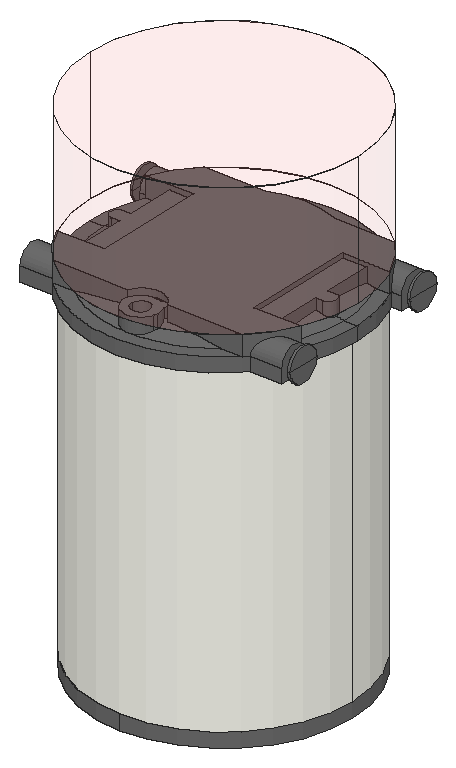
Revit family
Parameters (values of type "1105C3F")
  Watermarked By = "http://revitwatermark.com"
  Water_Ice Tank Volume = "980 Gallons"
  Warning = "Ice tanks are a component in an ice storage system including chillers, pumps, and controls. Contact CALMAC for IceBank® selection support to make sure all system components will work together properly."
  URL = "http://www.calmac.com/"
  Total Cooling Capacity [instance] = 0.0 ton
  Tank Net Usable Capacity = "105 Ton-Hrs"
  Product Page URL = "http://www.calmac.com/products/icebank.asp"
  Is Tank 1 Front Right Connector Visible = not(CTRL Off)  # yes
  Is Tank 1 Front Left Connector Visible = not(CTRL On)  # no
  Is Tank 1 Back Right Connector Visible = not(CTRL Off)  # yes
  Is Tank 1 Back Left Connector Visible = not(CTRL Off)  # yes
  Surface Finish = Plastic- Calmac- Black
  Supply Coolant Temperature [instance] = -459.67 °F
  Storage Inlet Temperature [instance] = 60 °F
  Shipping Weight = 1065.00 lbf
  Return Coolant Temperature [instance] = -459.67 °F
  Requires Plate Heat Exchanger [instance] = no
  Project/Customer = ""
  Product Documentation Link = "http://calmac.com/products/documents/CS-82Model1105C3FAug2007.pdf"
  Pressure Drop [instance] = 0.00 psi
  Precool Hours [instance] = 0
  Pipe Material = Plastic- Calmac- Black
  Operating Weight = 10885.00 lbf
  Occupied Hours [instance] = 0
  Model = "1105C"
  Maximum Operating Temperature = "38°C"
  Maximum Operating Pressure = "620 kPa"
  Manufacturer e-mail = "info@Calmac.com"
  Manufacturer Contact Details = "CALMAC Manufacturing Corporation Headquarters, 3-00 Banta Place, Fair Lawn, NJ  07410, Tel: (201) 797-1511, Fax: (201) 797-1522"
  Manufacturer = "CALMAC Manufacturing Corp."  # constant formula
  Main Use [instance] = ""
  Location [instance] = ""
  Lid Diameter = 7' - 5"  # constant formula
  Leg 4 = 3' - 2 1/4"  # constant formula
  Leg 1 = 3' - 2 1/4"  # constant formula
  Latent Cooling Capacity [instance] = 0.0 ton
  Inlet Outlet Center Height = 8' - 0 1/2"  # constant formula
  Heat Exchanger Volume = "99 Gallons"
  Has Rigging Bar [instance] = no
  Has Plate and Frame Heat Exchanger [instance] = no
  Has Ice Inventory Meter [instance] = no
  Has Heat Transfer Fluid [instance] = no
  Has Glycol Management System [instance] = no
  Floor Loading Weight = "363 lb/sq.ft."
  Factory Tested Pressure = "1724 kPa"
  Diversity Factor [instance] = 0
  Discharge Rate [instance] = 0
  Discharge Hours [instance] = 0
  Description = "Off-Peak Cooling System"
  Is Clearance Box Visible [instance] = yes
  Clearance Box Height = 3' - 0"  # constant formula
  City/State [instance] = ""
  CTRL Width = 6' - 1 3/4"
  CTRL On = yes
  CTRL Off = not(CTRL On)  # no
  CTRL Hydronic Supply Description = "Hydronic Supply"  # constant formula
  CTRL Hydronic Return Description = "Hydronic Return"  # constant formula
  CTRL Base Radius = 2' - 11 113/256"  # constant formula
  Body Material = Plastic- Calmac- Off_White
  Has Solid Base [instance] = yes
  Base Height = Inlet Outlet Center Height - 0' 3 3/4"  # 7' - 8 3/4"
  Base Finish = Plastic- Calmac- Black
  Assembly Code = "D3030300"
  Actual Chilled Water Flow [instance] = 0 GPM
Reference planes (in)
  plane 1 "Center (Front/Back)": y = 0
  plane 2 "Bottom": z = 0
  plane 3 "Center (Left/Right)": x = 0
  plane 4 "T.O. Base": z = 92.75
  plane 5 "Inlet/Outlet Center (Elevation)": z = 96.5
  plane 6 "Right Connector Face": x = 38.25
  plane 7 "Left Connector Face": x = -38.25
  plane 8 "T.o. Lid": z = 102
  plane 9 "Top": z = 138
  plane 10 "Front Connector Center (F/B)": y = -20.5
  plane 11 "Back Connector Center (F/B)": y = 20.5
  plane 12 "Back": y = 36.875
  plane 13 "Front": y = -36.875
Dimensions and locks (in)
  locked: plane 5 "Inlet/Outlet Center (Elevation)" to plane 4 "T.O. Base" at 3.75
  "Inlet Outlet Center Height": plane 5 "Inlet/Outlet Center (Elevation)" to plane 2 "Bottom"
  "Leg 1": plane 3 "Center (Left/Right)" to plane 6 "Right Connector Face"
  "Leg 4": plane 7 "Left Connector Face" to plane 3 "Center (Left/Right)"
  locked: plane 8 "T.o. Lid" to plane 5 "Inlet/Outlet Center (Elevation)" at 5.5
  locked: plane 10 "Front Connector Center (F/B)" to plane 1 "Center (Front/Back)" at 20.5
  locked: plane 1 "Center (Front/Back)" to plane 11 "Back Connector Center (F/B)" at 20.5
  "Clearance Box Height": plane 9 "Top" to plane 8 "T.o. Lid"
  plane 8 "T.o. Lid" to plane 2 "Bottom" = 8' - 6"
  equal spacing: plane 13 "Front", plane 1 "Center (Front/Back)", plane 12 "Back"
  "CTRL Width": plane 13 "Front" to plane 12 "Back"
  plane 7 "Left Connector Face" to plane 6 "Right Connector Face" = 6' - 4 1/2"
  plane 7 "Left Connector Face" to plane 3 "Center (Left/Right)" = 3' - 2 1/4"
  aligned and locked: plane 1 "Center (Front/Back)" to nested 1
  aligned and locked: plane 3 "Center (Left/Right)" to nested 1
  aligned and locked: plane 4 "T.O. Base" to nested 2
  aligned and locked: plane 1 "Center (Front/Back)" to nested 2
  aligned and locked: plane 5 "Inlet/Outlet Center (Elevation)" to nested 2
  aligned and locked: plane 3 "Center (Left/Right)" to nested 2
  aligned and locked: plane 2 "Bottom" to nested 1
Nested families (in)
  nested 1: "Cooling_Plant_Accessories-Calmac-IceBank-Base" at (0, 0, 0), type "Base"
    with Is Symbolic Line Visible no, Has Solid Base yes, CTRL Inner Wall Radius 2' - 10 145/256", CTRL Base Radius 2' - 11 113/256", Base Height 7' - 8 3/4"
  nested 2: "Cooling_Plant_Accessories-Calmac-IceBank-Lid_C-75" at (0, 0, 92.75), Surface Finish <- "Surface Finish", Pipe Material <- "Pipe Material", Clearance Box Height <- "Clearance Box Height", Is Clearance Box Visible <- "Is Clearance Box Visible", type "C-75"
    with Surface Finish Plastic- Calmac- Black, Pipe Material Plastic- Calmac- Black, Is Clearance Box Visible yes, Clearance Box Height 3' - 0", CTRL Radius 3' - 0 11/16", Is Back Left Flanged Connector Visible yes
Connectors (in)
  piping at (38.25, 20.5, 96.5), driven by "CTRL Hydronic Supply Description", driven by "Actual Chilled Water Flow"
    settings: on nested 2, index 1, connector radius 2", flow factor 0, pipe flow 0 GPM, pressure drop 0.00 psi, fitting loss kfactor 0, connector angle 0.00°, fixture units 0, flow configuration 0, flow direction 2, fitting loss method 0, system type 7, connector reference index -1, connector utility 0, adjustable connector no, is connector primary yes, fitting loss table "", connector description "Hydronic Supply"
  piping at (38.25, -20.5, 96.5), driven by "CTRL Hydronic Return Description"
    settings: on nested 2, index 2, connector radius 2", flow factor 0, pipe flow 0 GPM, pressure drop 0.00 psi, fitting loss kfactor 0, connector angle 0.00°, fixture units 0, flow configuration 0, flow direction 1, fitting loss method 0, system type 8, connector reference index -1, connector utility 0, adjustable connector no, is connector primary no, fitting loss table "", connector description "Hydronic Return"
  piping at (-38.25, 20.5, 96.5)
    settings: on nested 2, index 3, connector radius 2", flow factor 0, pipe flow 0 GPM, pressure drop 0.00 psi, fitting loss kfactor 0, connector angle 0.00°, fixture units 0, flow configuration 0, flow direction 0, fitting loss method 0, system type 7, connector reference index -1, connector utility 0, adjustable connector no, is connector primary no, fitting loss table "", connector description ""
Definition of nested family "Cooling_Plant_Accessories-Calmac-IceBank-Base"
  Parameters (values of type "Base")
    Wall Thickness = 0' - 0 7/8"
    URL = "http://www.calmac.com/"
    Type Comments = ""
    Is Symbolic Line Visible = not(Has Solid Base)  # yes
    Has Solid Base = no
    Model = ""
    Manufacturer = "CALMAC Manufacturing Corp."  # constant formula
    CTRL Inner Wall Radius = CTRL Base Radius - Wall Thickness  # 3' - 0"
    CTRL Base Radius = 3' - 0 7/8"
    Body Material = Plastic- Calmac- Off_White
    Base Height = 3' - 7 5/16"
    Base Finish = Plastic- Calmac- Black
    Assembly Code = "D3030"
  Reference planes (in)
    plane 1 "Center (Front/Back)": y = 0
    plane 2 "Bottom": z = 0
    plane 3 "Center (Left/Right)": x = 0
    plane 4 "Back": y = 36.875
    plane 5 "Front": y = -36.875
    plane 6 "Right": x = 36.875
    plane 7 "Left": x = -36.875
    plane 8 "T.O. Base Plate": z = 4
    plane 9 "Right Edge of Right Void": x = 24.125
    plane 10 "Left Edge of Right Void": x = 13.125
    plane 11 "Left Edge of Left Void": x = -24.125
    plane 12 "Right Edge of Left Void": x = -13.125
    plane 13 "T.O. Base Void": z = 2
    plane 14 "T.O. Base": z = 43.3125
  Forms (in)
    Extrusion 1, solid, material "Plastic- Calmac- Black" <- "Base Finish", visible <- "Is Symbolic Line Visible", detail levels fine
      sketch origin (0, 0, 0) x (1, 0, 0) y (0, 1, 0)
        loop
          circle (0, 0) r 36.875
      from 0 to 4
    Extrusion 2, void
      sketch origin (0, 0, 0) x (1, 0, 0) y (0, 1, 0)
        loop
          line (-24.125, 36.875) -> (-24.125, -36.875) -> (-13.125, -36.875) -> (-13.125, 36.875) -> (-24.125, 36.875)
        loop
          line (13.125, 36.875) -> (13.125, -36.875) -> (24.125, -36.875) -> (24.125, 36.875) -> (13.125, 36.875)
      from 0 to 2
    Extrusion 3, solid, material "Plastic- Calmac- Off_White" <- "Body Material", detail levels fine
      sketch origin (0, 0, 0) x (1, 0, 0) y (0, 1, 0)
        loop
          circle (0, 0) r 36.875
        loop
          circle (0, 0) r 36
      from 4 to 43.3125
    Extrusion 4, solid, material "Plastic- Calmac- Black" <- "Base Finish", visible <- "Has Solid Base", detail levels fine
      sketch origin (0, 0, 43.3125) x (0, -1, 0) y (1, 0, 0)
        loop
          circle (0, 0) r 36.875
      from -43.3125 to -39.3125
  Cuts and joins
    Extrusion 2 cuts Extrusion 3
    Extrusion 2 cuts Extrusion 1
  Lines and regions (in)
    Masking region 1
      outline origin (0, 0, 0) x (1, 0, 0) y (0, 1, 0)
        loop
          circle (0, 0) r 36.875
    Masking region 2
      outline origin (0, 0, 0) x (1, 0, 0) y (0, 0, 1)
        loop
          line (-36.875, 0) -> (36.875, 0) -> (36.875, 43.3125) -> (-36.875, 43.3125) -> (-36.875, 0)
    Masking region 3
      outline origin (0, 0, 0) x (0, 1, 0) y (0, 0, 1)
        loop
          line (-36.875, 0) -> (36.875, 0) -> (36.875, 43.3125) -> (-36.875, 43.3125) -> (-36.875, 0)
    symbolic lines, style "Base", detail levels medium+fine
      curve 1: line (-36.875, 0, 4) -> (36.875, 0, 4)
      curve 8: line (0, -36.875, 4) -> (0, 36.875, 4)
    symbolic lines, style "Base", visible <- "Is Symbolic Line Visible", detail levels medium+fine
      curve 2: line (-24.125, 0, 0) -> (-24.125, 0, 2)
      curve 3: line (-24.125, 0, 2) -> (-13.125, 0, 2)
      curve 4: line (13.125, 0, 2) -> (24.125, 0, 2)
      curve 5: line (13.125, 0, 0) -> (13.125, 0, 2)
      curve 6: line (24.125, 0, 0) -> (24.125, 0, 2)
      curve 7: line (-13.125, 0, 0) -> (-13.125, 0, 2)
    model lines, style "Base", detail levels medium
      curve 9: circle (0, 0, 43.3125) r 36.875 normal (0, 0, 1)
      curve 10: circle (0, 0, 4) r 36.875 normal (0, 0, 1)
      curve 11: circle (0, 0, 0) r 36.875 normal (0, 0, 1)
      curve 12: line (36.875, 0, 0) -> (36.875, 0, 43.3125)
      curve 13: line (-36.875, 0, 0) -> (-36.875, 0, 43.3125)
      curve 14: line (0, -36.875, 0) -> (0, -36.875, 43.3125)
      curve 15: line (0, 36.875, 0) -> (0, 36.875, 43.3125)
    model lines, style "Base", detail levels coarse
      curve 16: line (0, 0, 0) -> (0, 0, 43.3125)
  Dimensions and locks (in)
    locked: plane 7 "Left" to plane 11 "Left Edge of Left Void" at 12.75
    locked: plane 7 "Left" to plane 12 "Right Edge of Left Void" at 23.75
    locked: plane 9 "Right Edge of Right Void" to plane 6 "Right" at 12.75
    locked: plane 10 "Left Edge of Right Void" to plane 6 "Right" at 23.75
    "CTRL Base Radius": plane 7 "Left" to plane 3 "Center (Left/Right)"
    "CTRL Base Radius": plane 3 "Center (Left/Right)" to plane 6 "Right"
    "CTRL Base Radius": plane 1 "Center (Front/Back)" to plane 4 "Back"
    "CTRL Base Radius": plane 5 "Front" to plane 1 "Center (Front/Back)"
    locked: plane 8 "T.O. Base Plate" to plane 2 "Bottom" at 4
    "Base Height": plane 14 "T.O. Base" to plane 2 "Bottom"
    locked: plane 13 "T.O. Base Void" to plane 2 "Bottom" at 2
    "CTRL Base Radius": radius of Extrusion 1 sketch curve
    "CTRL Base Radius": radius of Extrusion 3 sketch curve
    "CTRL Inner Wall Radius": radius of Extrusion 3 sketch curve
    "CTRL Base Radius": radius of Masking region 1 sketch curve
    "CTRL Base Radius": radius of curve 9
    "CTRL Base Radius": radius of curve 10
    "CTRL Base Radius": radius of curve 11
    "CTRL Base Radius": radius of Extrusion 4 sketch curve
    aligned and locked: plane 3 "Center (Left/Right)" to Extrusion 1 sketch curve
    aligned and locked: plane 1 "Center (Front/Back)" to Extrusion 1 sketch curve
    aligned and locked: Extrusion 1 to plane 2 "Bottom"
    aligned and locked: plane 8 "T.O. Base Plate" to Extrusion 1
    aligned and locked: plane 2 "Bottom" to Extrusion 1
    aligned and locked: Extrusion 2 sketch curve to plane 4 "Back"  (x2)
    aligned and locked: Extrusion 2 sketch curve to plane 12 "Right Edge of Left Void"
    aligned and locked: plane 11 "Left Edge of Left Void" to Extrusion 2 sketch curve
    aligned and locked: Extrusion 2 sketch curve to plane 5 "Front"  (x2)
    aligned and locked: Extrusion 2 sketch curve to plane 10 "Left Edge of Right Void"
    aligned and locked: Extrusion 2 sketch curve to plane 9 "Right Edge of Right Void"
    aligned and locked: plane 13 "T.O. Base Void" to Extrusion 2
    aligned and locked: Extrusion 2 to plane 2 "Bottom"
    aligned and locked: Extrusion 2 to plane 5 "Front"
    aligned and locked: plane 4 "Back" to Extrusion 2
    aligned and locked: Extrusion 2 to plane 13 "T.O. Base Void"  (x2)
    aligned and locked: plane 11 "Left Edge of Left Void" to Extrusion 2
    aligned and locked: plane 2 "Bottom" to Extrusion 2  (x2)
    aligned and locked: Extrusion 2 to plane 12 "Right Edge of Left Void"
    aligned and locked: plane 10 "Left Edge of Right Void" to Extrusion 2
    aligned and locked: Extrusion 2 to plane 9 "Right Edge of Right Void"
    aligned and locked: plane 3 "Center (Left/Right)" to Extrusion 3 sketch curve  (x2)
    aligned and locked: plane 1 "Center (Front/Back)" to Extrusion 3 sketch curve  (x2)
    aligned and locked: Extrusion 3 to plane 8 "T.O. Base Plate"
    aligned and locked: plane 14 "T.O. Base" to Extrusion 3
    aligned and locked: plane 3 "Center (Left/Right)" to Masking region 1 sketch curve
    aligned and locked: plane 1 "Center (Front/Back)" to Masking region 1 sketch curve
    aligned and locked: Masking region 2 sketch curve to plane 14 "T.O. Base"
    aligned and locked: plane 6 "Right" to Masking region 2 sketch curve
    aligned and locked: plane 2 "Bottom" to Masking region 2 sketch curve
    aligned and locked: Masking region 2 sketch curve to plane 7 "Left"
    aligned and locked: plane 7 "Left" to curve 1
    aligned and locked: plane 6 "Right" to curve 1
    aligned and locked: curve 1 to plane 8 "T.O. Base Plate"
    aligned and locked: plane 11 "Left Edge of Left Void" to curve 3
    aligned and locked: plane 12 "Right Edge of Left Void" to curve 3
    aligned and locked: curve 3 to plane 13 "T.O. Base Void"
    aligned and locked: plane 2 "Bottom" to curve 2
    aligned and locked: curve 2 to plane 11 "Left Edge of Left Void"
    aligned and locked: plane 10 "Left Edge of Right Void" to curve 4
    aligned and locked: plane 9 "Right Edge of Right Void" to curve 4
    aligned and locked: plane 13 "T.O. Base Void" to curve 5
    aligned and locked: plane 13 "T.O. Base Void" to curve 6
    aligned and locked: plane 2 "Bottom" to curve 5
    aligned and locked: curve 5 to plane 10 "Left Edge of Right Void"
    aligned and locked: curve 6 to plane 9 "Right Edge of Right Void"
    aligned and locked: plane 13 "T.O. Base Void" to curve 7
    aligned and locked: plane 2 "Bottom" to curve 7
    aligned and locked: curve 7 to plane 12 "Right Edge of Left Void"
    aligned and locked: plane 5 "Front" to Masking region 3 sketch curve
    aligned and locked: plane 14 "T.O. Base" to Masking region 3 sketch curve
    aligned and locked: Masking region 3 sketch curve to plane 4 "Back"
    aligned and locked: plane 2 "Bottom" to Masking region 3 sketch curve
    aligned and locked: plane 4 "Back" to curve 8
    aligned and locked: plane 5 "Front" to curve 8
    aligned and locked: curve 8 to plane 8 "T.O. Base Plate"
    aligned and locked: plane 3 "Center (Left/Right)" to curve 9
    aligned and locked: plane 1 "Center (Front/Back)" to curve 9
    aligned and locked: curve 9 to plane 14 "T.O. Base"
    aligned and locked: curve 10 to plane 8 "T.O. Base Plate"
    aligned and locked: plane 3 "Center (Left/Right)" to curve 10
    aligned and locked: plane 1 "Center (Front/Back)" to curve 10
    aligned: curve 11 to plane 2 "Bottom"
    aligned and locked: plane 3 "Center (Left/Right)" to curve 11
    aligned and locked: plane 1 "Center (Front/Back)" to curve 11
    aligned and locked: plane 14 "T.O. Base" to curve 12
    aligned and locked: plane 14 "T.O. Base" to curve 13
    aligned and locked: plane 2 "Bottom" to curve 12
    aligned and locked: plane 2 "Bottom" to curve 13
    aligned and locked: curve 12 to plane 6 "Right"
    aligned and locked: curve 13 to plane 7 "Left"
    aligned and locked: curve 12 to plane 1 "Center (Front/Back)"
    aligned and locked: curve 13 to plane 1 "Center (Front/Back)"
    aligned and locked: plane 14 "T.O. Base" to curve 14
    aligned and locked: plane 14 "T.O. Base" to curve 15
    aligned and locked: plane 2 "Bottom" to curve 14
    aligned and locked: plane 2 "Bottom" to curve 15
    aligned and locked: plane 4 "Back" to curve 15
    aligned and locked: plane 5 "Front" to curve 14
    aligned and locked: plane 3 "Center (Left/Right)" to curve 14
    aligned and locked: plane 3 "Center (Left/Right)" to curve 15
    aligned and locked: plane 14 "T.O. Base" to curve 16
    aligned and locked: plane 2 "Bottom" to curve 16
    aligned and locked: plane 3 "Center (Left/Right)" to curve 16
    aligned and locked: curve 16 to plane 1 "Center (Front/Back)"
    aligned and locked: plane 1 "Center (Front/Back)" to Extrusion 4 sketch curve
    aligned and locked: plane 3 "Center (Left/Right)" to Extrusion 4 sketch curve
    aligned and locked: plane 8 "T.O. Base Plate" to Extrusion 4
    aligned and locked: Extrusion 4 to plane 2 "Bottom"
  Automatic sketch dimensions
    curve 6 to level = 0' - 0"
Definition of nested family "Cooling_Plant_Accessories-Calmac-IceBank-Lid_C-75"
  Parameters (values of type "C-75")
    bxcbxb = Diameter * 0.5  # 3' - 0 11/16"
    adfasdfa = Diameter * 0.5  # 3' - 0 11/16"
    Surface Finish [instance] = none
    Pipe Material [instance] = none
    Is Front Right Flanged Connector Visible = yes
    Is Front Left Flanged Connector Visible = no
    Diameter = 6' - 1 3/8"
    Is Clearance Box Visible [instance] = yes
    Clearance Box Height [instance] = 2' - 0"
    CTRL Radius [instance] = Diameter / 2  # 3' - 0 11/16"
    Is Back Right Flanged Connector Visible = yes
    Is Back Left Flanged Connector Visible = no
  Reference planes (in)
    plane 1 "Center (Front/Back)": y = 0
    plane 2 "Bottom": z = 0
    plane 3 "Center (Left/Right)": x = 0
    plane 4 "Back": y = 36.6875
    plane 5 "Back Connector Back": y = 24.75
    plane 6 "Back Connector Center": y = 20.5
    plane 7 "Back Connector Front": y = 16.25
    plane 8 "Piping Back": y = 25.88647
    plane 9 "Rigging Back": y = 15.25
    plane 10 "Rigging Loop Back": y = 2
    plane 11 "Top Back Edge": y = 24
    plane 12 "Back Inset": y = 32.8725
    plane 13 "Back Bolt Front": y = 33.6855
    plane 14 "Front": y = -36.6875
    plane 15 "Front Connection Front": y = -24.75
    plane 16 "Fron Connector Center": y = -20.5
    plane 17 "Front Connector Back": y = -16.25
    plane 18 "Piping Front": y = -25.88647
    plane 19 "Rigging Front": y = -15.25
    plane 20 "Rigging Loop Front": y = -2
    plane 21 "Top Front Edge": y = -28
    plane 22 "Front Inset": y = -32.8725
    plane 23 "Pad Eye Hole": y = -27.02527
    plane 24 "Pad Eye Front Center": y = -28.53621
    plane 25 "Left Connection": x = -36.41773
    plane 26 "Left": x = -36.6875
    plane 27 "Left Lip Inset": x = -32.8725
    plane 28 "Left Rigging Loop Left": x = -30.87661
    plane 29 "Left Rigging Loop Inset": x = -27.6267
    plane 30 "Left Rigging Loop Right": x = -26.875
    plane 31 "Left Rigging Right": x = -20.40035
    plane 32 "Top Left": x = -9.54335
    plane 33 "Right Connection": x = 36.41773
    plane 34 "Right": x = 36.6875
    plane 35 "Lid Inset Right": x = 32.8725
    plane 36 "Right Rigging Loop Right": x = 30.88136
    plane 37 "Right Rigging Loop Inset": x = 27.63145
    plane 38 "Right Rigging Loop Left": x = 26.87975
    plane 39 "Right Rigging Left": x = 20.4051
    plane 40 "Top Right": x = 9.54335
    plane 41 "Top": z = 9.25
    plane 42 "Connector Center(Elevation)": z = 3.75
    plane 43 "Connector Channel Top": z = 8
    plane 44 "Connection Sleeve Left": x = -33.10311
    plane 45 "Connection Sleeve Right": x = 33.1032
    plane 46 "Right Center": x = 24.02983
    plane 47 "Bolt Inset Right": x = 1.00017
    plane 48 "Bolt Inset Left": x = -1.00017
    plane 49 "Bolt Inset Center": y = 34.68672
    plane 50 "Top Left Inset": x = -30.90528
    plane 51 "Top Right Inset": x = 30.90528
    plane 52 "Right Side Chanel": x = 35.23566
    plane 53 "Left Side Channel": x = -35.23566
    plane 54 "Right Tunnel Ref": x = 25.99737
    plane 55 "Left Tunnel Ref": x = -25.99737
    plane 56 "Left Tunnel Ref Center": x = -33.3678
    plane 57 "Right Tunnel Ref Center": x = 33.3678
    plane 58 "T.O. Clearance Box": z = 33.25
    plane 59 "Right Connector Face": x = 38.25
    plane 60 "Left Connector Face": x = -38.25
    plane 61 "Sleeve Left": x = -35.83203
    plane 62 "Sleeve Right": x = 35.83203
  Forms (in)
    Revolve 1, solid, material <- "Surface Finish", detail levels fine
      sketch origin (0, 0, 0) x (1, 0, 0) y (0, 0, 1)
        loop
          line (0, 9.25) -> (0, 0) -> (36.6875, 0) -> (36.6875, 3.75) -> (32.8725, 3.75) -> (9.54335, 9.25) -> (0, 9.25)
        axis (0, 9.25) -> (0, 0)
      angle from 0 to 360
    Extrusion 2, solid, material <- "Surface Finish", detail levels fine
      sketch origin (0, 0, 0) x (1, 0, 0) y (0, 1, 0)
        loop
          arc (-25.99737, 25.88647) -> (-30.15526, 20.89577) -> (-33.3678, 15.25) r 36.6875
          line (-33.3678, 15.25) -> (-20.40035, 15.25) -> (-20.40035, -15.25) -> (-33.3678, -15.25)
          arc (-33.3678, -15.25) -> (-30.15526, -20.89577) -> (-25.99737, -25.88647) r 36.6875
          line (-25.99737, -25.88647) -> (-5.47378, -25.88647)
          arc (-5.47378, -25.88647) -> (0.00163, -22.34) -> (5.47705, -25.88647) r 6
          line (5.47705, -25.88647) -> (25.99737, -25.88647)
          arc (25.99737, -25.88647) -> (30.15526, -20.89577) -> (33.3678, -15.25) r 36.6875
          line (33.3678, -15.25) -> (20.4051, -15.25) -> (20.4051, 15.25) -> (33.3678, 15.25)
          arc (33.3678, 15.25) -> (30.15526, 20.89577) -> (25.99737, 25.88647) r 36.6875
          line (25.99737, 25.88647) -> (9.54335, 25.88647)
          arc (9.54335, 25.88647) -> (0, 27.83962) -> (-9.54335, 25.88647) r 24.29157
          line (-9.54335, 25.88647) -> (-25.99737, 25.88647)
      from 3.75 to 9.25
    Extrusion 3, solid, material <- "Surface Finish", detail levels fine
      sketch origin (0, 0, 0) x (0, 1, 0) y (0, 0, 1)
        loop
          arc (24.75, 3.75) -> (20.5, 8) -> (16.25, 3.75) r 4.25
          line (16.25, 3.75) -> (16.25, 0) -> (24.75, 0) -> (24.75, 3.75)
        loop
          arc (-16.25, 3.75) -> (-20.5, 8) -> (-24.75, 3.75) r 4.25
          line (-24.75, 3.75) -> (-24.75, 0) -> (-16.25, 0) -> (-16.25, 3.75)
      from -35.83203 to 35.83203
    Extrusion 4, solid, material <- "Surface Finish", detail levels fine
      sketch origin (0, 0, 0) x (1, 0, 0) y (0, 1, 0)
        loop
          line (-26.875, 15.25) -> (-26.875, 2) -> (-28.87661, 2)
          arc (-28.87661, 2) -> (-30.87661, 0) -> (-28.87661, -2) r 2
          line (-28.87661, -2) -> (-26.875, -2) -> (-26.875, -15.25) -> (-20.40035, -15.25) -> (-20.40035, 15.25) -> (-26.875, 15.25)
        loop
          line (26.87975, 2) -> (26.87975, 15.25) -> (20.4051, 15.25) -> (20.4051, -15.25) -> (26.87975, -15.25) -> (26.87975, -2) -> (28.88512, -2)
          arc (28.88512, -2) -> (30.88512, 0) -> (28.88512, 2) r 2
          line (28.88512, 2) -> (26.87975, 2)
      from 3.75 to 8
    Extrusion 5, solid, material <- "Surface Finish", detail levels fine
      sketch origin (0, 0, 9.25) x (-1, 0, 0) y (0, -1, 0)
        loop
          arc (-2.21906, 23.96212) -> (2.64241, 24.20385) -> (4.9051, 28.51344) r 4.90816
          arc (4.9051, 28.51344) -> (4.68488, 28.94415) -> (4.53675, 29.40466) r 3
          arc (4.53675, 29.40466) -> (-0.00027, 33) -> (-4.53687, 29.40413) r 4.66
          arc (-4.53687, 29.40413) -> (-4.68495, 28.94361) -> (-4.90512, 28.51288) r 3
          arc (-4.90512, 28.51288) -> (-4.7228, 27.00389) -> (-4.08756, 25.62304) r 4.90816
          arc (-4.08756, 25.62304) -> (-3.98687, 23.85484) -> (-2.21906, 23.96212) r 1.25
        loop
          circle (0, 28.34) r 2.46875
      from -5.5 to -1.25
  Cuts and joins
    joined: Revolve 1, Extrusion 2, Extrusion 4
  Lines and regions (in)
    Masking region 1
      outline origin (0, 0, 0) x (1, 0, 0) y (0, 0, 1)
        loop
          line (-33.3678, 9.25) -> (-33.3678, 3.75) -> (-36.6875, 3.75) -> (-36.6875, 0) -> (36.6875, 0) -> (36.6875, 3.75) -> (33.3678, 3.75) -> (33.3678, 9.25) -> (-33.3678, 9.25)
    Masking region 2
      outline origin (0, 0, 0) x (0, 1, 0) y (0, 0, 1)
        loop
          line (36.6875, 3.75) -> (32.8725, 3.75) -> (27.9625, 4.87873) -> (27.9625, 9.25) -> (-25.88647, 9.25) -> (-25.88647, 8) -> (-32.8725, 8) -> (-32.8725, 3.75) -> (-36.6875, 3.75) -> (-36.6875, 0) -> (36.6875, 0) -> (36.6875, 3.75)
    Masking region 3
      outline origin (0, 0, 0) x (1, 0, 0) y (0, 1, 0)
        loop
          arc (-33.10311, 15.81634) -> (-36.6875, 0) -> (-33.10311, -15.81634) r 36.6875
          line (-33.10311, -15.81634) -> (-33.10311, -16.25) -> (-35.83203, -16.25) -> (-35.83203, -24.75) -> (-27.08155, -24.75)
          arc (-27.08155, -24.75) -> (0, -36.6875) -> (27.08155, -24.75) r 36.6875
          line (27.08155, -24.75) -> (35.83203, -24.75) -> (35.83203, -16.25) -> (33.1032, -16.25) -> (33.1032, -15.81617)
          arc (33.1032, -15.81617) -> (36.6875, 0) -> (33.1032, 15.81617) r 36.6875
          line (33.1032, 15.81617) -> (33.1032, 16.25) -> (35.83203, 16.25) -> (35.83203, 24.75) -> (27.08155, 24.75)
          arc (27.08155, 24.75) -> (0, 36.6875) -> (-27.08155, 24.75) r 36.6875
          line (-27.08155, 24.75) -> (-35.83203, 24.75) -> (-35.83203, 16.25) -> (-33.10311, 16.25) -> (-33.10311, 15.81634)
    symbolic lines, style "Thermal Energy Storage", detail levels fine
      curve 1: arc (0, 24.75, 3.75) -> (0, 20.5, 8) -> (0, 16.25, 3.75) r 4.25
      curve 2: line (0, 24.75, 0) -> (0, 24.75, 3.75)
      curve 3: line (0, 16.25, 3.75) -> (0, 16.25, 0)
      curve 6: arc (0, -2, 5.14855) -> (0, -8.63661, 4.84477) -> (0, -15.25, 4.21246) r 134.00815
      curve 8: line (0, -2, 8) -> (0, -2, 6.75604)
      curve 9: arc (0, 15.25, 4.21246) -> (0, 8.63661, 4.84477) -> (0, 2, 5.14855) r 134.00815
      curve 10: line (0, 2, 4.63945) -> (0, 2, 8)
      curve 11: line (0, -15.25, 8) -> (0, 15.25, 8)
      curve 14: arc (0, -16.25, 3.75) -> (0, -20.5, 8) -> (0, -24.75, 3.75) r 4.25
      curve 15: line (0, -16.25, 0) -> (0, -16.25, 3.75)
      curve 16: line (0, -24.75, 3.75) -> (0, -24.75, 0)
      curve 32: line (26.87975, 2, 3.75) -> (26.87975, 15.25, 3.75)
      curve 33: arc (20.4051, 7.23282, 3.75) -> (21.3358, 3.66951, 3.75) -> (21.64906, 0, 3.75) r 21.64906
      curve 34: arc (21.64906, 0, 3.75) -> (21.3358, -3.66951, 3.75) -> (20.4051, -7.23282, 3.75) r 21.64906
      curve 35: line (26.87975, -15.25, 3.75) -> (26.87975, -2, 3.75)
      curve 36: line (26.87975, -2, 3.75) -> (28.88512, -2, 3.75)
      curve 37: arc (28.88512, -2, 3.75) -> (30.88512, 0, 3.75) -> (28.88512, 2, 3.75) r 2
      curve 38: line (28.88512, 2, 3.75) -> (26.87975, 2, 3.75)
      curve 39: line (-26.875, 15.25, 3.75) -> (-26.875, 2, 3.75)
      curve 40: line (-26.875, 2, 3.75) -> (-28.87661, 2, 3.75)
      curve 41: arc (-28.87661, 2, 3.75) -> (-30.87661, 0, 3.75) -> (-28.87661, -2, 3.75) r 2
      curve 42: line (-28.87661, -2, 3.75) -> (-26.875, -2, 3.75)
      curve 43: line (-26.875, -2, 3.75) -> (-26.875, -15.25, 3.75)
      curve 44: arc (-20.40035, -7.232, 3.75) -> (-21.33105, -3.6691, 3.75) -> (-21.64431, 0, 3.75) r 21.64431
      curve 45: arc (-21.64431, 0, 3.75) -> (-21.33105, 3.6691, 3.75) -> (-20.40035, 7.232, 3.75) r 21.64431
      curve 48: line (-1.00017, 36.67386, 9.25) -> (-1.00017, 34.68672, 9.25)
      curve 49: arc (-1.00017, 34.68672, 9.25) -> (0, 33.68655, 9.25) -> (1.00017, 34.68672, 9.25) r 1.00017
      curve 50: line (1.00017, 34.68672, 9.25) -> (1.00017, 36.6875, 9.25)
      curve 51: line (11.31854, 34.8979, 9.25) -> (10.65418, 33.0251, 9.25)
      curve 52: arc (10.65418, 33.0251, 9.25) -> (11.26241, 31.7481, 9.25) -> (12.53942, 32.35633, 9.25) r 1.00017
      curve 53: line (12.53942, 32.35633, 9.25) -> (13.20834, 34.24197, 9.25)
      curve 54: line (-13.21164, 34.2958, 9.25) -> (-12.55966, 32.41866, 9.25)
      curve 55: arc (-12.55966, 32.41866, 9.25) -> (-11.2867, 31.80201, 9.25) -> (-10.67005, 33.07497, 9.25) r 1.00017
      curve 56: line (-10.67005, 33.07497, 9.25) -> (-11.3265, 34.96499, 9.25)
      curve 57: line (-23.92286, 28.15972, 9.25) -> (-22.74294, 26.56081, 9.25)
      curve 58: arc (-22.74294, 26.56081, 9.25) -> (-21.34429, 26.34992, 9.25) -> (-21.1334, 27.74856, 9.25) r 1.00017
      curve 59: line (-21.1334, 27.74856, 9.25) -> (-22.32142, 29.35845, 9.25)
      curve 60: line (32.4594, -12.82483, 9.25) -> (32.6548, -12.1272, 9.25)
      curve 61: arc (32.6548, -12.1272, 9.25) -> (31.34512, -12.66144, 9.25) -> (31.87936, -13.97113, 9.25) r 1.00017
      curve 62: line (31.87936, -13.97113, 9.25) -> (33.72369, -14.74673, 9.25)
      curve 63: line (22.39077, 29.34394, 9.25) -> (21.11473, 27.69559, 9.25)
      curve 64: arc (21.11473, 27.69559, 9.25) -> (21.29337, 26.29246, 9.25) -> (22.6965, 26.47109, 9.25) r 1.00017
      curve 65: line (22.6965, 26.47109, 9.25) -> (23.92126, 28.05321, 9.25)
      curve 66: arc (34.65389, -3.55302, 9.25) -> (33.53087, -4.41256, 9.25) -> (34.39041, -5.53559, 9.25) r 1
      curve 67: line (34.39041, -5.53559, 9.25) -> (36.36427, -5.7979, 9.25)
      curve 68: line (34.65389, -3.55302, 9.25) -> (36.62775, -3.81533, 9.25)
      curve 69: line (34.39041, 5.53559, 9.25) -> (36.36427, 5.7979, 9.25)
      curve 70: arc (34.39041, 5.53559, 9.25) -> (33.53087, 4.41256, 9.25) -> (34.65389, 3.55302, 9.25) r 1
      curve 71: line (34.65389, 3.55302, 9.25) -> (36.62775, 3.81533, 9.25)
      curve 72: line (31.91582, 13.97144, 9.25) -> (33.76295, 14.71511, 9.25)
      curve 73: arc (31.91582, 13.97144, 9.25) -> (31.36165, 12.67033, 9.25) -> (32.66277, 12.11616, 9.25) r 1
      curve 74: line (32.66277, 12.11616, 9.25) -> (34.5099, 12.85983, 9.25)
      curve 75: line (-31.91107, 13.97144, 9.25) -> (-33.7582, 14.71511, 9.25)
      curve 76: arc (-32.65802, 12.11616, 9.25) -> (-31.3569, 12.67033, 9.25) -> (-31.91107, 13.97144, 9.25) r 1
      curve 77: line (-32.65802, 12.11616, 9.25) -> (-34.50515, 12.85983, 9.25)
      curve 78: line (-34.38566, 5.53559, 9.25) -> (-36.35952, 5.7979, 9.25)
      curve 79: arc (-34.64914, 3.55302, 9.25) -> (-33.52612, 4.41256, 9.25) -> (-34.38566, 5.53559, 9.25) r 1
      curve 80: line (-34.64914, 3.55302, 9.25) -> (-36.623, 3.81533, 9.25)
      curve 81: line (-34.64914, -3.55302, 9.25) -> (-36.623, -3.81533, 9.25)
      curve 82: arc (-34.38566, -5.53559, 9.25) -> (-33.52612, -4.41256, 9.25) -> (-34.64914, -3.55302, 9.25) r 1
      curve 83: line (-34.38566, -5.53559, 9.25) -> (-36.35952, -5.7979, 9.25)
      curve 84: line (-22.69219, -26.43077, 9.25) -> (-23.97422, -28.0179, 9.25)
      curve 85: arc (-21.13636, -27.68751, 9.25) -> (-21.28591, -26.28122, 9.25) -> (-22.69219, -26.43077, 9.25) r 1
      curve 86: line (-21.13636, -27.68751, 9.25) -> (-22.4199, -29.27651, 9.25)
      curve 87: line (-12.56783, -32.48955, 9.25) -> (-13.24652, -34.41359, 9.25)
      curve 88: arc (-10.68173, -33.15486, 9.25) -> (-11.29213, -31.87915, 9.25) -> (-12.56783, -32.48955, 9.25) r 1
      curve 89: line (-10.68173, -33.15486, 9.25) -> (-11.36123, -35.08117, 9.25)
      curve 90: line (-1.00017, -34.82, 9.25) -> (-1.00017, -36.80999, 9.25)
      curve 91: arc (1.00017, -34.82, 9.25) -> (0, -33.81983, 9.25) -> (-1.00017, -34.82, 9.25) r 1.00017
      curve 92: line (1.00017, -34.82, 9.25) -> (1.00017, -36.81244, 9.25)
      curve 93: line (12.56783, -32.48955, 9.25) -> (13.23022, -34.36736, 9.25)
      curve 94: arc (12.56783, -32.48955, 9.25) -> (11.29213, -31.87915, 9.25) -> (10.68173, -33.15486, 9.25) r 1
      curve 95: line (10.68173, -33.15486, 9.25) -> (11.34412, -35.03267, 9.25)
      curve 96: arc (22.69219, -26.43077, 9.25) -> (21.28591, -26.28122, 9.25) -> (21.13636, -27.68751, 9.25) r 1
      curve 97: line (22.69219, -26.43077, 9.25) -> (23.94341, -27.97976, 9.25)
      curve 98: line (21.13636, -27.68751, 9.25) -> (22.38758, -29.2365, 9.25)
      curve 99: line (32.66277, -12.11616, 9.25) -> (34.5099, -12.85983, 9.25)
      curve 100: line (-31.91107, -14.79231, 9.25) -> (-33.7582, -15.23425, 9.25)
      curve 101: arc (-31.91107, -14.79231, 9.25) -> (-31.3569, -13.49119, 9.25) -> (-32.65802, -12.93703, 9.25) r 1
      curve 102: line (-32.65802, -12.93703, 9.25) -> (-34.50515, -13.37897, 9.25)
      curve 106: arc (-5.47378, 0, 5.26563) -> (-15.77731, 0, 4.35832) -> (-25.99737, 0, 2.76575) r 154.97971
      curve 107: arc (25.99737, 0, 2.76578) -> (15.77893, 0, 4.35812) -> (5.47705, 0, 5.26547) r 154.99141
      curve 108: line (5.47705, 0, 9.25) -> (5.47705, 0, 5.26547)
      curve 109: line (-5.47378, 0, 5.26563) -> (-5.47378, 0, 9.25)
      curve 110: line (-4.9051, 0, 8) -> (-4.9051, 0, 4.70486)
      curve 111: line (4.90512, 0, 4.70486) -> (4.90512, 0, 8)
      curve 112: line (4.90512, 0, 8) -> (-4.9051, 0, 8)
      curve 113: line (-33.10311, 0, 8) -> (-33.10311, 0, 0)
      curve 114: line (33.1032, 0, 0) -> (33.1032, 0, 8)
      curve 115: arc (-4.9051, 0, 4.70486) -> (0.00001, 0, 3.8302) -> (4.90512, 0, 4.70486) r 14.19119
      curve 116: arc (30.87466, 0, 8) -> (28.02128, 0, 6.67955) -> (26.87975, 0, 3.75) r 4.20763
      curve 117: line (26.87975, 0, 3.75) -> (26.87975, 0, 0)
      curve 118: line (30.87466, 0, 8) -> (33.1032, 0, 8)
      curve 119: arc (-30.90528, 0, 8) -> (-28.05544, 0, 6.81956) -> (-26.875, 0, 3.96972) r 4.03028
      curve 120: line (-26.875, 0, 3.96972) -> (-26.875, 0, 0)
      curve 121: line (-30.90528, 0, 8) -> (-33.10311, 0, 8)
      curve 122: line (30.90528, -2, 4.63175) -> (30.90528, -2, 8)
      curve 123: arc (30.90528, 1.99747, 4.63175) -> (30.90528, -0.00127, 4.2218) -> (30.90528, -2, 4.63175) r 5.07744
      curve 124: line (30.90528, 25.88647, 4.9399) -> (30.90528, 27.84324, 4.88321)
      curve 125: arc (9.54335, 25.88647, 9.25) -> (0, 27.83962, 9.25) -> (-9.54335, 25.88647, 9.25) r 24.29157
      curve 126: arc (-5.2102, -25.36733, 9.25) -> (0.00163, -22.34, 9.25) -> (5.21347, -25.36733, 9.25) r 6
      curve 130: arc (-4.53675, -29.40466, 9.25) -> (0.00027, -33, 9.25) -> (4.53687, -29.40413, 9.25) r 4.66
      curve 131: arc (4.53687, -29.40413, 9.25) -> (4.68495, -28.94361, 9.25) -> (4.90512, -28.51288, 9.25) r 3
      curve 132: arc (4.90512, -28.51288, 9.25) -> (4.7228, -27.00389, 9.25) -> (4.08756, -25.62304, 9.25) r 4.90816
      curve 133: arc (4.08756, -25.62304, 9.25) -> (3.98687, -23.85484, 9.25) -> (2.21906, -23.96212, 9.25) r 1.25
      curve 134: arc (2.21906, -23.96212, 9.25) -> (-2.64241, -24.20385, 9.25) -> (-4.9051, -28.51344, 9.25) r 4.90816
      curve 135: arc (-4.9051, -28.51344, 9.25) -> (-4.68488, -28.94415, 9.25) -> (-4.53675, -29.40466, 9.25) r 3
      curve 136: arc (2.46875, -28.34, 9.25) -> (0, -30.80875, 9.25) -> (-2.46875, -28.34, 9.25) r 2.46875
      curve 137: arc (-2.46875, -28.34, 9.25) -> (0, -25.87125, 9.25) -> (2.46875, -28.34, 9.25) r 2.46875
    symbolic lines, style "Thermal Energy Storage", detail levels medium+fine
      curve 4: line (0, 25.88647, 3.75) -> (0, 25.88647, 9.25)
      curve 5: line (0, 25.88647, 3.75) -> (0, 32.8725, 3.75)
      curve 7: line (0, -15.25, 3.75) -> (0, -15.25, 9.25)
      curve 12: line (0, 15.25, 9.25) -> (0, 15.25, 3.75)
      curve 13: line (0, 15.25, 3.75) -> (0, -15.25, 3.75)
      curve 17: line (0, -25.88647, 9.25) -> (0, -25.88647, 3.75)
      curve 18: line (0, -25.88647, 3.75) -> (0, -32.87023, 3.75)
      curve 19: line (-9.54335, 25.88647, 3.75) -> (-25.99737, 25.88647, 3.75)
      curve 20: arc (-25.99737, 25.88647, 3.75) -> (-30.15526, 20.89577, 3.75) -> (-33.3678, 15.25, 3.75) r 36.6875
      curve 21: line (-33.3678, 15.25, 3.75) -> (-20.40035, 15.25, 3.75)
      curve 22: line (-20.40035, 15.25, 3.75) -> (-20.40035, -15.25, 3.75)
      curve 23: line (-20.40035, -15.25, 3.75) -> (-33.3678, -15.25, 3.75)
      curve 24: line (-25.99737, -25.88647, 3.75) -> (-5.47378, -25.88647, 3.75)
      curve 25: line (5.47705, -25.88647, 3.75) -> (25.99737, -25.88647, 3.75)
      curve 26: arc (25.99737, -25.88647, 3.75) -> (30.15526, -20.89577, 3.75) -> (33.3678, -15.25, 3.75) r 36.6875
      curve 27: line (33.3678, -15.25, 3.75) -> (20.4051, -15.25, 3.75)
      curve 28: line (20.4051, -15.25, 3.75) -> (20.4051, 15.25, 3.75)
      curve 29: line (20.4051, 15.25, 3.75) -> (33.3678, 15.25, 3.75)
      curve 30: arc (33.3678, 15.25, 3.75) -> (30.15526, 20.89577, 3.75) -> (25.99737, 25.88647, 3.75) r 36.6875
      curve 31: line (25.99737, 25.88647, 3.75) -> (9.54335, 25.88647, 3.75)
      curve 46: arc (-29.1211, -15.25, 3.75) -> (-32.8725, 0, 3.75) -> (-29.1211, 15.25, 3.75) r 32.8725
      curve 47: arc (29.1211, 15.25, 3.75) -> (32.8725, 0, 3.75) -> (29.1211, -15.25, 3.75) r 32.8725
      curve 103: line (-25.99737, 0, 3.75) -> (25.99737, 0, 3.75)
      curve 104: line (25.99737, 0, 3.75) -> (25.99737, 0, 9.25)
      curve 105: line (-25.99737, 0, 3.75) -> (-25.99737, 0, 9.25)
      curve 127: arc (20.2606, -25.88647, 9.25) -> (0, -32.8725, 9.25) -> (-20.2606, -25.88647, 9.25) r 32.8725
      curve 128: arc (-20.2606, 25.88647, 9.25) -> (0, 32.8725, 9.25) -> (20.2606, 25.88647, 9.25) r 32.8725
      curve 129: arc (-33.3678, -15.25, 9.25) -> (-30.15526, -20.89577, 9.25) -> (-25.99737, -25.88647, 9.25) r 36.6875
    model lines, style "Thermal Energy Storage", detail levels medium
      curve 138: arc (36.6875, 0, 0) -> (0, 36.6875, 0) -> (-36.6875, 0, 0) r 36.6875
      curve 139: arc (-36.6875, 0, 0) -> (0, -36.6875, 0) -> (36.6875, 0, 0) r 36.6875
      curve 140: arc (36.6875, 0, 3.75) -> (0, 36.6875, 3.75) -> (-36.6875, 0, 3.75) r 36.6875
      curve 141: arc (-36.6875, 0, 3.75) -> (0, -36.6875, 3.75) -> (36.6875, 0, 3.75) r 36.6875
      curve 142: arc (-32.87211, 0.161, 3.75) -> (0.161, 32.87211, 3.75) -> (32.87211, -0.161, 3.75) r 32.8725
      curve 143: arc (32.87211, -0.161, 3.75) -> (-0.161, -32.87211, 3.75) -> (-32.87211, 0.161, 3.75) r 32.8725
      curve 144: line (-20.40035, 15.25, 3.75) -> (-20.40035, -15.25, 3.75)
      curve 145: line (-20.40035, -15.25, 3.75) -> (-33.3678, -15.25, 3.75)
      curve 146: arc (-33.3678, -15.25, 3.75) -> (-30.15526, -20.89577, 3.75) -> (-25.99737, -25.88647, 3.75) r 36.6875
      curve 147: line (-25.99737, -25.88647, 3.75) -> (-5.47378, -25.88647, 3.75)
      curve 148: arc (-5.47378, -25.88647, 3.75) -> (0.00163, -22.34, 3.75) -> (5.47705, -25.88647, 3.75) r 6
      curve 149: line (5.47705, -25.88647, 3.75) -> (26.86466, -25.88647, 3.75)
      curve 150: arc (25.99737, -25.88647, 3.75) -> (30.15526, -20.89577, 3.75) -> (33.3678, -15.25, 3.75) r 36.6875
      curve 151: line (33.3678, -15.25, 3.75) -> (20.4051, -15.25, 3.75)
      curve 152: line (20.4051, -15.25, 3.75) -> (20.4051, 15.25, 3.75)
      curve 153: line (20.4051, 15.25, 3.75) -> (33.1032, 15.25, 3.75)
      curve 154: arc (33.3678, 15.25, 3.75) -> (30.15526, 20.89577, 3.75) -> (25.99737, 25.88647, 3.75) r 36.6875
      curve 155: line (26.87975, 25.88647, 3.75) -> (9.54335, 25.88647, 3.75)
      curve 156: arc (9.54335, 25.88647, 3.75) -> (0, 27.83962, 3.75) -> (-9.54335, 25.88647, 3.75) r 24.29157
      curve 157: line (-9.54335, 25.88647, 3.75) -> (-25.58314, 25.88647, 3.75)
      curve 158: arc (-25.99737, 25.88647, 3.75) -> (-30.15526, 20.89577, 3.75) -> (-33.3678, 15.25, 3.75) r 36.6875
      curve 159: line (-32.69791, 15.25, 3.75) -> (-20.40035, 15.25, 3.75)
      curve 160: line (-20.40035, 15.25, 9.25) -> (-20.40035, -15.25, 9.25)
      curve 161: line (-20.40035, -15.25, 9.25) -> (-32.1296, -15.25, 9.25)
      curve 162: arc (-33.3678, -15.25, 9.25) -> (-30.15526, -20.89577, 9.25) -> (-25.99737, -25.88647, 9.25) r 36.6875
      curve 163: line (-25.99737, -25.88647, 9.25) -> (-5.51517, -25.88647, 9.25)
      curve 164: arc (-5.2102, -25.36733, 9.25) -> (0.00163, -22.34, 9.25) -> (5.21347, -25.36733, 9.25) r 6
      curve 165: line (6.00769, -25.88647, 9.25) -> (25.99737, -25.88647, 9.25)
      curve 166: arc (25.99737, -25.88647, 9.25) -> (30.15526, -20.89577, 9.25) -> (33.3678, -15.25, 9.25) r 36.6875
      curve 167: line (33.3678, -15.25, 9.25) -> (20.4051, -15.25, 9.25)
      curve 168: line (20.4051, -15.25, 9.25) -> (20.4051, 15.25, 9.25)
      curve 169: line (20.4051, 15.25, 9.25) -> (33.3678, 15.25, 9.25)
      curve 170: arc (33.3678, 15.25, 9.25) -> (30.15526, 20.89577, 9.25) -> (25.99737, 25.88647, 9.25) r 36.6875
      curve 171: line (25.99737, 25.88647, 9.25) -> (9.54335, 25.88647, 9.25)
      curve 172: arc (9.54335, 25.88647, 9.25) -> (0, 27.83962, 9.25) -> (-9.54335, 25.88647, 9.25) r 24.29157
      curve 173: line (-8.18696, 25.88647, 9.25) -> (-25.99737, 25.88647, 9.25)
      curve 174: arc (-25.99737, 25.88647, 9.25) -> (-30.15526, 20.89577, 9.25) -> (-33.3678, 15.25, 9.25) r 36.6875
      curve 175: line (-33.3678, 15.25, 9.25) -> (-20.40035, 15.25, 9.25)
      curve 176: line (-25.99737, 25.88647, 3.75) -> (-25.99737, 25.88647, 9.25)
      curve 177: line (-25.99737, -25.88647, 9.25) -> (-25.99737, -25.88647, 3.75)
      curve 178: line (-33.3678, 15.25, 9.25) -> (-33.3678, 15.25, 3.75)
      curve 179: line (-33.3678, -15.25, 3.75) -> (-33.3678, -15.25, 9.25)
      curve 180: line (33.3678, 15.25, 3.75) -> (33.3678, 15.25, 9.25)
      curve 181: line (33.3678, -15.25, 9.25) -> (33.3678, -15.25, 3.75)
      curve 182: line (25.99737, 25.88647, 9.25) -> (25.99737, 25.88647, 3.75)
      curve 183: line (25.99737, -25.88647, 3.75) -> (25.99737, -25.88647, 9.25)
    model lines, style "Thermal Energy Storage", detail levels coarse
      curve 184: line (-36.6875, 0, 9.25) -> (36.6875, 0, 9.25)
      curve 185: line (0, -36.6875, 9.25) -> (0, 36.6875, 9.25)
      curve 186: line (0, 0, 9.25) -> (0, 0, 0)
  Dimensions and locks (in)
    plane 41 "Top" to plane 2 "Bottom" = 0' - 9 1/4"
    locked: plane 43 "Connector Channel Top" to plane 2 "Bottom" at 8
    locked: plane 42 "Connector Center(Elevation)" to plane 2 "Bottom" at 3.75
    locked: Extrusion 4 sketch curve to plane 29 "Left Rigging Loop Inset" at 1.24992
    locked: Extrusion 4 sketch curve to plane 30 "Left Rigging Loop Right" at 2.00161
    locked: plane 37 "Right Rigging Loop Inset" to Extrusion 4 sketch curve at 1.25367  (x2)
    locked: plane 26 "Left" to plane 25 "Left Connection" at 0.26977
    locked: plane 26 "Left" to plane 44 "Connection Sleeve Left" at 3.58439
    locked: plane 26 "Left" to plane 27 "Left Lip Inset" at 3.815
    locked: plane 33 "Right Connection" to plane 34 "Right" at 0.26977
    locked: plane 45 "Connection Sleeve Right" to plane 34 "Right" at 3.5843
    locked: plane 35 "Lid Inset Right" to plane 34 "Right" at 3.815
    "Diameter": plane 26 "Left" to plane 34 "Right"
    "Diameter": plane 14 "Front" to plane 4 "Back"
    locked: plane 3 "Center (Left/Right)" to plane 47 "Bolt Inset Right" at 1.00017
    locked: plane 48 "Bolt Inset Left" to plane 3 "Center (Left/Right)" at 1.00017
    locked: plane 3 "Center (Left/Right)" to plane 40 "Top Right" at 9.54335
    locked: plane 32 "Top Left" to plane 3 "Center (Left/Right)" at 9.54335
    locked: plane 31 "Left Rigging Right" to plane 48 "Bolt Inset Left" at 19.40018
    locked: plane 3 "Center (Left/Right)" to plane 39 "Right Rigging Left" at 20.4051
    locked: plane 30 "Left Rigging Loop Right" to plane 3 "Center (Left/Right)" at 26.875
    locked: plane 3 "Center (Left/Right)" to plane 46 "Right Center" at 24.02983
    locked: plane 46 "Right Center" to plane 38 "Right Rigging Loop Left" at 2.84992
    locked: plane 46 "Right Center" to plane 37 "Right Rigging Loop Inset" at 3.60161
    locked: plane 46 "Right Center" to plane 36 "Right Rigging Loop Right" at 6.85153
    locked: plane 29 "Left Rigging Loop Inset" to plane 30 "Left Rigging Loop Right" at 0.7517
    locked: plane 28 "Left Rigging Loop Left" to plane 30 "Left Rigging Loop Right" at 4.00161
    locked: plane 49 "Bolt Inset Center" to plane 4 "Back" at 2.00078
    locked: plane 13 "Back Bolt Front" to plane 4 "Back" at 3.002
    locked: plane 12 "Back Inset" to plane 4 "Back" at 3.815
    locked: plane 22 "Front Inset" to plane 14 "Front" at 3.815
    locked: plane 24 "Pad Eye Front Center" to plane 14 "Front" at 8.15129
    locked: plane 23 "Pad Eye Hole" to plane 14 "Front" at 9.66223
    plane 16 "Fron Connector Center" to plane 1 "Center (Front/Back)" = 1' - 8 1/2"
    locked: plane 20 "Rigging Loop Front" to plane 1 "Center (Front/Back)" at 2
    locked: plane 1 "Center (Front/Back)" to plane 10 "Rigging Loop Back" at 2
    locked: plane 1 "Center (Front/Back)" to plane 6 "Back Connector Center" at 20.5
    locked: plane 26 "Left" to plane 50 "Top Left Inset" at 5.78222
    locked: plane 51 "Top Right Inset" to plane 34 "Right" at 5.78222
    locked: plane 52 "Right Side Chanel" to plane 34 "Right" at 1.45184
    locked: plane 26 "Left" to plane 53 "Left Side Channel" at 1.45184
    equal spacing: plane 26 "Left", plane 3 "Center (Left/Right)", plane 34 "Right"
    "bxcbxb": plane 14 "Front" to plane 1 "Center (Front/Back)"
    "adfasdfa": plane 1 "Center (Front/Back)" to plane 4 "Back"
    locked: plane 16 "Fron Connector Center" to plane 19 "Rigging Front" at 5.25
    locked: plane 18 "Piping Front" to plane 16 "Fron Connector Center" at 5.38647
    locked: plane 16 "Fron Connector Center" to plane 21 "Top Front Edge" at 7.5
    locked: plane 8 "Piping Back" to plane 6 "Back Connector Center" at 5.38647
    locked: plane 6 "Back Connector Center" to plane 9 "Rigging Back" at 5.25
    equal spacing: plane 15 "Front Connection Front", plane 16 "Fron Connector Center", plane 17 "Front Connector Back"
    locked: plane 15 "Front Connection Front" to plane 17 "Front Connector Back" at 8.5
    locked: plane 11 "Top Back Edge" to plane 6 "Back Connector Center" at 3.5
    equal spacing: plane 5 "Back Connector Back", plane 6 "Back Connector Center", plane 7 "Back Connector Front"
    locked: plane 5 "Back Connector Back" to plane 7 "Back Connector Front" at 8.5
    locked: Extrusion 5 sketch curve to plane 24 "Pad Eye Front Center" at 0.19621  (x2)
    locked: plane 21 "Top Front Edge" to Extrusion 5 sketch curve at 0.34  (x2)
    locked: plane 18 "Piping Front" to Extrusion 5 sketch curve at 1.09737
    locked: plane 47 "Bolt Inset Right" to Extrusion 5 sketch curve at 2.15623
    locked: Masking region 2 sketch curve to plane 8 "Piping Back" at 2.07602
    locked: plane 43 "Connector Channel Top" to Masking region 2 sketch curve at 3.12127
    locked: plane 54 "Right Tunnel Ref" to plane 34 "Right" at 10.69013
    locked: plane 26 "Left" to plane 55 "Left Tunnel Ref" at 10.69013
    locked: plane 26 "Left" to plane 56 "Left Tunnel Ref Center" at 3.3197
    locked: plane 57 "Right Tunnel Ref Center" to plane 34 "Right" at 3.3197
    locked: plane 3 "Center (Left/Right)" to plane 59 "Right Connector Face" at 38.25
    locked: plane 60 "Left Connector Face" to plane 3 "Center (Left/Right)" at 38.25
    locked: plane 61 "Sleeve Left" to plane 3 "Center (Left/Right)" at 35.83203
    locked: plane 62 "Sleeve Right" to plane 34 "Right" at 0.85547
    "Clearance Box Height": plane 58 "T.O. Clearance Box" to plane 41 "Top"
    radius of Extrusion 5 sketch curve = 0' - 2 15/32"
    radius of Extrusion 5 sketch curve = 0' - 1 1/4"
    radius of Extrusion 5 sketch curve = 0' - 4.90816"  (x2)
    radius of Extrusion 5 sketch curve = 0' - 4.66"
    aligned and locked: Revolve 1 sketch curve to plane 41 "Top"
    aligned and locked: plane 34 "Right" to Revolve 1 sketch curve
    aligned and locked: Revolve 1 sketch curve to plane 3 "Center (Left/Right)"  (x2)
    aligned and locked: plane 35 "Lid Inset Right" to Revolve 1 sketch curve
    aligned and locked: plane 42 "Connector Center(Elevation)" to Revolve 1 sketch curve
    aligned and locked: plane 40 "Top Right" to Revolve 1 sketch curve
    aligned and locked: plane 41 "Top" to Revolve 1 sketch curve  (x2)
    aligned and locked: Revolve 1 sketch curve to plane 2 "Bottom"
    aligned and locked: plane 2 "Bottom" to Revolve 1 sketch curve
    aligned and locked: Extrusion 2 sketch curve to plane 8 "Piping Back"  (x2)
    aligned and locked: Extrusion 2 sketch curve to plane 9 "Rigging Back"  (x2)
    aligned and locked: plane 19 "Rigging Front" to Extrusion 2 sketch curve  (x2)
    aligned and locked: plane 18 "Piping Front" to Extrusion 2 sketch curve  (x3)
    aligned and locked: Extrusion 2 sketch curve to plane 31 "Left Rigging Right"
    aligned and locked: plane 39 "Right Rigging Left" to Extrusion 2 sketch curve
    aligned and locked: plane 32 "Top Left" to Extrusion 2 sketch curve
    aligned and locked: plane 40 "Top Right" to Extrusion 2 sketch curve
    aligned and locked: Extrusion 2 to plane 42 "Connector Center(Elevation)"
    aligned and locked: plane 41 "Top" to Extrusion 2
    aligned and locked: plane 7 "Back Connector Front" to Extrusion 3 sketch curve  (x2)
    aligned and locked: plane 5 "Back Connector Back" to Extrusion 3 sketch curve  (x2)
    aligned and locked: plane 42 "Connector Center(Elevation)" to Extrusion 3 sketch curve  (x4)
    aligned and locked: plane 17 "Front Connector Back" to Extrusion 3 sketch curve
    aligned and locked: plane 15 "Front Connection Front" to Extrusion 3 sketch curve
    aligned and locked: Extrusion 3 sketch curve to plane 17 "Front Connector Back"
    aligned and locked: Extrusion 3 sketch curve to plane 15 "Front Connection Front"
    aligned and locked: plane 2 "Bottom" to Extrusion 3 sketch curve  (x2)
    aligned: Extrusion 3 to plane 45 "Connection Sleeve Right"
    aligned: Extrusion 3 to plane 44 "Connection Sleeve Left"
    aligned and locked: Extrusion 4 sketch curve to plane 30 "Left Rigging Loop Right"  (x2)
    aligned and locked: Extrusion 4 sketch curve to plane 31 "Left Rigging Right"
    aligned and locked: Extrusion 4 sketch curve to plane 9 "Rigging Back"
    aligned and locked: plane 19 "Rigging Front" to Extrusion 4 sketch curve  (x2)
    aligned and locked: Extrusion 4 sketch curve to plane 10 "Rigging Loop Back"  (x2)
    aligned and locked: plane 20 "Rigging Loop Front" to Extrusion 4 sketch curve  (x2)
    aligned and locked: plane 39 "Right Rigging Left" to Extrusion 4 sketch curve
    aligned and locked: plane 38 "Right Rigging Loop Left" to Extrusion 4 sketch curve  (x2)
    aligned and locked: Extrusion 4 to plane 42 "Connector Center(Elevation)"
    aligned and locked: plane 43 "Connector Channel Top" to Extrusion 4
    aligned and locked: Masking region 1 sketch curve to plane 41 "Top"
    aligned and locked: Masking region 1 sketch curve to plane 2 "Bottom"
    aligned and locked: Masking region 1 sketch curve to plane 26 "Left"
    aligned and locked: plane 34 "Right" to Masking region 1 sketch curve
    aligned and locked: curve 1 to Extrusion 3
    aligned and locked: curve 2 to Extrusion 3
    aligned and locked: plane 42 "Connector Center(Elevation)" to curve 5
    aligned and locked: plane 8 "Piping Back" to cut or joined group of Revolve 1, Extrusion 2, Extrusion 4
    aligned and locked: curve 6 to cut or joined group of Revolve 1, Extrusion 2, Extrusion 4
    aligned and locked: curve 8 to cut or joined group of Revolve 1, Extrusion 2, Extrusion 4
    aligned and locked: curve 9 to cut or joined group of Revolve 1, Extrusion 2, Extrusion 4
    aligned and locked: curve 10 to cut or joined group of Revolve 1, Extrusion 2, Extrusion 4
    aligned and locked: curve 11 to cut or joined group of Revolve 1, Extrusion 2, Extrusion 4
    aligned and locked: cut or joined group of Revolve 1, Extrusion 2, Extrusion 4 to curve 12
    aligned and locked: cut or joined group of Revolve 1, Extrusion 2, Extrusion 4 to curve 13
    aligned and locked: curve 14 to Extrusion 3
    aligned and locked: curve 15 to Extrusion 3
    aligned and locked: cut or joined group of Revolve 1, Extrusion 2, Extrusion 4 to curve 17
    aligned and locked: cut or joined group of Revolve 1, Extrusion 2, Extrusion 4 to curve 18
    aligned and locked: plane 42 "Connector Center(Elevation)" to cut or joined group of Revolve 1, Extrusion 2, Extrusion 4
    aligned and locked: curve 19 to cut or joined group of Revolve 1, Extrusion 2, Extrusion 4
    aligned and locked: cut or joined group of Revolve 1, Extrusion 2, Extrusion 4 to curve 21
    aligned and locked: curve 22 to cut or joined group of Revolve 1, Extrusion 2, Extrusion 4
    aligned and locked: curve 23 to cut or joined group of Revolve 1, Extrusion 2, Extrusion 4
    aligned and locked: cut or joined group of Revolve 1, Extrusion 2, Extrusion 4 to curve 24
    aligned and locked: cut or joined group of Revolve 1, Extrusion 2, Extrusion 4 to curve 25
    aligned and locked: curve 27 to cut or joined group of Revolve 1, Extrusion 2, Extrusion 4
    aligned and locked: curve 28 to cut or joined group of Revolve 1, Extrusion 2, Extrusion 4
    aligned and locked: curve 29 to cut or joined group of Revolve 1, Extrusion 2, Extrusion 4
    aligned and locked: curve 31 to cut or joined group of Revolve 1, Extrusion 2, Extrusion 4
    aligned and locked: curve 32 to cut or joined group of Revolve 1, Extrusion 2, Extrusion 4
    aligned and locked: curve 35 to cut or joined group of Revolve 1, Extrusion 2, Extrusion 4
    aligned and locked: curve 36 to cut or joined group of Revolve 1, Extrusion 2, Extrusion 4
    aligned and locked: curve 37 to cut or joined group of Revolve 1, Extrusion 2, Extrusion 4
    aligned and locked: curve 38 to cut or joined group of Revolve 1, Extrusion 2, Extrusion 4
    aligned and locked: curve 39 to cut or joined group of Revolve 1, Extrusion 2, Extrusion 4
    aligned and locked: curve 40 to cut or joined group of Revolve 1, Extrusion 2, Extrusion 4
    aligned and locked: curve 41 to cut or joined group of Revolve 1, Extrusion 2, Extrusion 4
    aligned and locked: curve 42 to cut or joined group of Revolve 1, Extrusion 2, Extrusion 4
    aligned and locked: curve 43 to cut or joined group of Revolve 1, Extrusion 2, Extrusion 4
    aligned and locked: plane 19 "Rigging Front" to curve 46
    aligned and locked: plane 9 "Rigging Back" to curve 46
    aligned and locked: plane 19 "Rigging Front" to curve 47
    aligned and locked: plane 9 "Rigging Back" to curve 47
    aligned and locked: plane 47 "Bolt Inset Right" to curve 92
    aligned and locked: curve 90 to plane 48 "Bolt Inset Left"
    aligned and locked: plane 3 "Center (Left/Right)" to Extrusion 5 sketch curve  (x4)
    aligned and locked: Extrusion 5 to plane 42 "Connector Center(Elevation)"
    aligned and locked: plane 43 "Connector Channel Top" to Extrusion 5
    aligned and locked: cut or joined group of Revolve 1, Extrusion 2, Extrusion 4 to Masking region 1 sketch curve  (x2)
    aligned and locked: Masking region 1 sketch curve to plane 42 "Connector Center(Elevation)"  (x2)
    aligned and locked: curve 106 to cut or joined group of Revolve 1, Extrusion 2, Extrusion 4
    aligned and locked: curve 107 to cut or joined group of Revolve 1, Extrusion 2, Extrusion 4
    aligned and locked: cut or joined group of Revolve 1, Extrusion 2, Extrusion 4 to curve 108
    aligned and locked: cut or joined group of Revolve 1, Extrusion 2, Extrusion 4 to curve 109
    aligned and locked: curve 110 to Extrusion 5
    aligned and locked: Extrusion 5 to curve 111
    aligned and locked: Extrusion 5 to curve 112
    aligned: curve 113 to Extrusion 3
    aligned: curve 114 to Extrusion 3
    aligned and locked: plane 42 "Connector Center(Elevation)" to curve 116
    aligned and locked: plane 43 "Connector Channel Top" to curve 116
    aligned and locked: plane 38 "Right Rigging Loop Left" to curve 116
    aligned and locked: curve 113 to plane 44 "Connection Sleeve Left"
    aligned and locked: plane 43 "Connector Channel Top" to curve 121
    aligned and locked: plane 50 "Top Left Inset" to curve 121
    aligned and locked: plane 30 "Left Rigging Loop Right" to curve 120
    aligned and locked: curve 110 to curve 115
    aligned and locked: curve 122 to cut or joined group of Revolve 1, Extrusion 2, Extrusion 4
    aligned and locked: plane 18 "Piping Front" to cut or joined group of Revolve 1, Extrusion 2, Extrusion 4  (x3)
    aligned and locked: plane 19 "Rigging Front" to curve 7
    aligned and locked: plane 19 "Rigging Front" to curve 6
    aligned and locked: plane 20 "Rigging Loop Front" to curve 122
    aligned and locked: curve 4 to plane 8 "Piping Back"
    aligned and locked: Masking region 2 sketch curve to plane 4 "Back"
    aligned and locked: Masking region 2 sketch curve to plane 42 "Connector Center(Elevation)"  (x2)
    aligned and locked: plane 12 "Back Inset" to Masking region 2 sketch curve
    aligned and locked: plane 41 "Top" to Masking region 2 sketch curve
    aligned and locked: Masking region 2 sketch curve to plane 2 "Bottom"
    aligned and locked: plane 18 "Piping Front" to Masking region 2 sketch curve
    aligned and locked: Masking region 2 sketch curve to plane 43 "Connector Channel Top"
    aligned and locked: plane 22 "Front Inset" to Masking region 2 sketch curve
    aligned and locked: plane 14 "Front" to Masking region 2 sketch curve
